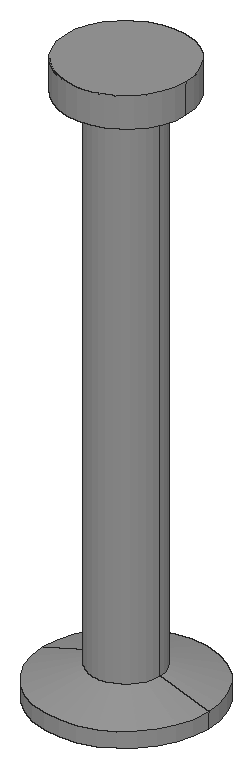
Revit family "ec1eedcbdc774de1ab16d8645a861fde", category Structural Connections, host Face, Revit 2021
Family settings
  Host = Face
  Material for Model Behavior = Other
  Enable cutting in views = No
  Cut with Voids When Loaded = No
  Shared = Yes
Parameters (values of type "6000-2.5-0120")
  Visibility dimension line [instance] = no
  T2 = 0' - 0 1/4"
  t1 = 0' - 0 1/4"
  r2 = 0.5 * d2  # 0' - 0 11/16"
  r1 = 0.5 * d1  # 0' - 0 1/2"
  r = 0.5 * d  # 0' - 0 9/32"
  l = 0' - 4 3/4"
  k = 0' - 0 1/2"
  d2 = 0' - 1 3/8"
  d1 = 0' - 1"
  d = 0' - 0 9/16"
  Type Comments = "Mountingpart"
  R = 0.5 * Da  # 0' - 1 1/2"
  Da = 0' - 3"
  Anchor Material [instance] = Steel
  Default Elevation = 0' - 0"
  Anchor Usage = "Beam and Wall"
Types (4): name | Visibility dimension line | T2 | t1 | r2 | r1 | r | l | k | d2 | d1 | d | R | Da | Anchor Material
  6000-2.5-0120 | no | 0' - 0 1/4" | 0' - 0 1/4" | 0' - 0 11/16" | 0' - 0 1/2" | 0' - 0 9/32" | 0' - 4 3/4" | 0' - 0 1/2" | 0' - 1 3/8" | 0' - 1" | 0' - 0 9/16" | 0' - 1 1/2" | 0' - 3" | Steel
  6000-1.3-0240 | yes | 0' - 0.31496" | 0' - 0.31496" | 0' - 0.49213" | 0' - 0.37402" | 0' - 0.19685" | 0' - 9.44882" | 0' - 0.3937" | 0' - 0.98425" | 0' - 0.74803" | 0' - 0.3937" | 0' - 1.1811" | 0' - 2.3622" | Metal - Steel - S235
  6000-1.3-0120 | yes | 0' - 0.31496" | 0' - 0.31496" | 0' - 0.49213" | 0' - 0.37402" | 0' - 0.19685" | 0' - 4.72441" | 0' - 0.3937" | 0' - 0.98425" | 0' - 0.74803" | 0' - 0.3937" | 0' - 1.1811" | 0' - 2.3622" | Metal - Steel - S235
  6000-1.3-0085 | yes | 0' - 0.31496" | 0' - 0.31496" | 0' - 0.49213" | 0' - 0.37402" | 0' - 0.19685" | 0' - 3.34646" | 0' - 0.3937" | 0' - 0.98425" | 0' - 0.74803" | 0' - 0.3937" | 0' - 1.1811" | 0' - 2.3622" | Metal - Steel - S235
Reference planes (in)
  plane 1 "Center ( Front/Back)": y = 0
  plane 2: z = 0
  plane 3 "Center (Left/Right)": x = 0
  plane 4: z = -5.25
  plane 5: z = -5
  plane 6: z = -0.5
  plane 7: z = -5.125
  plane 8: z = -0.75
Forms (in)
  Extrusion 1, solid, material "Steel" <- "Anchor Material"
    sketch origin (0, 0, -2.96548) x (1, 0, 0) y (0, 1, 0)
      loop
        circle (0, 0) r 0.28125
    from -2.28452 to 2.46548
  Blend 2, solid, material "Steel" <- "Anchor Material"
    base sketch origin (-1.67336, -180, -5) x (-1, 0, 0) y (0, -1, 0)
      loop
        circle (-1.67336, -180) r 0.28125
    top sketch origin (-1.67336, -180, -5) x (-1, 0, 0) y (0, -1, 0)
      loop
        circle (-1.67336, -180) r 0.6875
    from 0 to -0.125
  Extrusion 3, solid, material "Steel" <- "Anchor Material"
    sketch origin (-1.41732, -180, -5.25) x (-1, 0, 0) y (0, -1, 0)
      loop
        circle (-1.41732, -180) r 0.6875
    from 0 to 0.125
  Extrusion 4, solid, material "Steel" <- "Anchor Material"
    sketch origin (0, 0, -16.33858) x (1, 0, 0) y (0, 1, 0)
      loop
        circle (0, 0) r 0.5
    from 15.58858 to 15.83858
  Revolve 5, void
    sketch origin (0, 0, 0) x (1, 0, 0) y (0, 0, 1)
      loop
        line (0, 0) -> (0, -1.5)
        arc (0, -1.5) -> (1.06066, -1.06066) -> (1.5, 0) r 1.5
        line (1.5, 0) -> (0, 0)
      axis (0, -1.5) -> (0, 0)
    angle from 0 to 360
Cuts and joins
  joined: Extrusion 1, Blend 2, Extrusion 3, Extrusion 4
Lines and regions (in)
  model lines, style "Dimension_Front", visible <- "Visibility dimension line"
    curve 1: line (0, 0, -1.03648) -> (0, 0, -1.62704)
Dimensions and locks (in)
  "T2": plane 5 to plane 4
  "l": plane 6 to plane 4
  equal spacing: plane 5, plane 7, plane 4
  "t1": plane 6 to plane 8
  "k": plane 2 to plane 6
  "r": radius of Extrusion 1 sketch curve
  "r": radius of Blend 2 sketch curve
  "r2": radius of Blend 2 sketch curve
  "r2": radius of Extrusion 3 sketch curve
  "r1": radius of Extrusion 4 sketch curve
  "R": radius of Revolve 5 sketch curve
  aligned and locked: plane 2 to host face
  aligned and locked: level to host face
  aligned: Extrusion 1 to plane 5
  aligned and locked: plane 1 "Center ( Front/Back)" to Blend 2 sketch curve  (x2)
  aligned and locked: plane 3 "Center (Left/Right)" to Blend 2 sketch curve  (x2)
  aligned and locked: Blend 2 to plane 7
  aligned and locked: plane 5 to Blend 2
  aligned and locked: plane 1 "Center ( Front/Back)" to Extrusion 3 sketch curve
  aligned and locked: plane 3 "Center (Left/Right)" to Extrusion 3 sketch curve
  aligned and locked: plane 7 to Extrusion 3
  aligned and locked: Extrusion 1 to plane 4
  aligned and locked: plane 6 to Extrusion 1
  aligned and locked: plane 8 to Extrusion 4
  aligned and locked: Revolve 5 sketch curve to plane 3 "Center (Left/Right)"
  aligned and locked: plane 3 "Center (Left/Right)" to Revolve 5 sketch curve
  aligned and locked: plane 6 to Extrusion 4
  aligned and locked: plane 1 "Center ( Front/Back)" to Extrusion 4 sketch curve
  aligned and locked: plane 3 "Center (Left/Right)" to Extrusion 4 sketch curve
  aligned and locked: Revolve 5 sketch curve to level
Automatic sketch dimensions
  host sketch curve to host sketch curve = 8' - 0"  (x2)
  plane 1 "Center ( Front/Back)" to Extrusion 1 sketch curve = 0' - 0"
  Extrusion 1 sketch curve to plane 3 "Center (Left/Right)" = 0' - 0"
  Revolve 5 sketch curve to plane 6 = 0' - 0"
  Revolve 5 sketch curve to Revolve 5 sketch curve = 0' - 3.07607"
  curve 1 to plane 3 "Center (Left/Right)" = 0' - 0"
  curve 1 to plane 8 = 0' - 0.87704"
  curve 1 to plane 8 = 0' - 0.28648"
